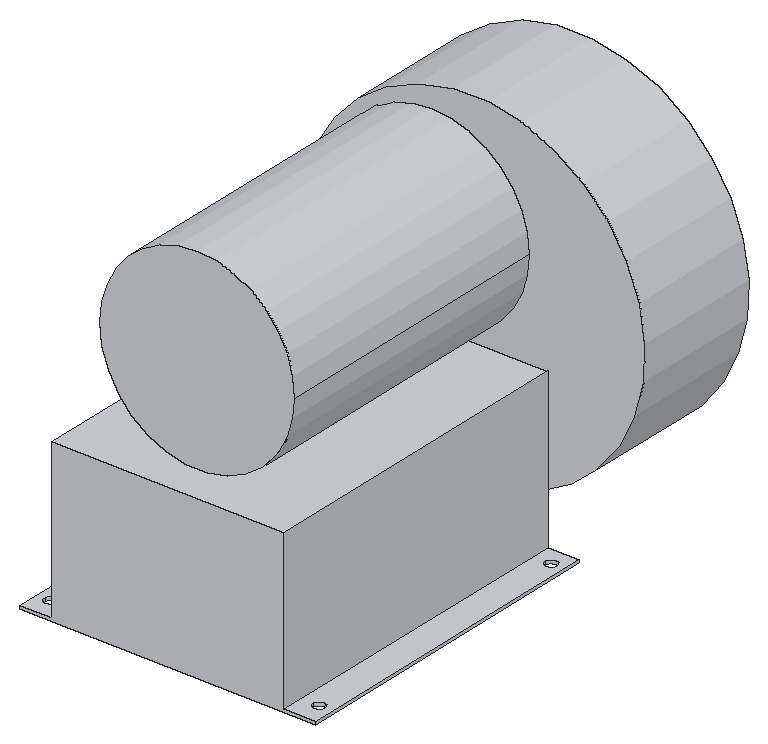
Revit family "CPFD_CW_BHD", category Mechanical Equipment, Revit 2019
Family settings
  Round Connector Dimension = Use Radius
  Part Type = Normal
  Work Plane-Based = No
  Always vertical = Yes
  Cut with Voids When Loaded = No
  Shared = No
  Room Calculation Point = No
Parameters (values of type "9_CPFD_CW_BHD")
  Unit Weight [instance] = ""
  T_SQ/2 = T_SQ / 2  # 1' - 4"
  T_SQ = 2' - 8"
  Sones [instance] = ""
  SPACE = 0' - 2"
  Q = 0' - 0 3/4"
  P/6 = P / 6  # 0' - 1 1/2"
  P/2 = P / 2  # 0' - 4 1/2"
  P = 0' - 9"
  N/2 = N / 2  # 0' - 0 9/32"
  N = 0' - 0 9/16"
  Motor RPM [instance] = ""
  Motor Enclosure [instance] = ""
  ModelID [instance] = ""
  M = 0' - 4 5/8"
  LwA [instance] = ""
  L = 0' - 7 5/8"
  K = 0' - 1"
  J = 1' - 1 3/4"
  H/2 = H / 2  # 0' - 6 3/8"
  H-1.5" = H - 0' 1 1/2"  # 0' - 11 1/4"
  H = 1' - 0 3/4"
  G-1" = G - 0' 1"  # 0' - 6"
  G = 0' - 7"
  Fan RPM [instance] = ""
  F+1.25" = -(F + 0' 1 1/4")  # -0' - 7 1/8"
  F+.25" = -(F + 0' 0 1/4")  # -0' - 6 1/8"
  F = 0' - 5 7/8"
  E+.25" = E + 0' 0 1/4"  # 0' - 10 1/8"
  E = 0' - 9 7/8"
  D = 0' - 11 1/8"
  C/2 = C / 2  # 0' - 9 1/16"
  C = 1' - 6 1/8"
  B/2 = B / 2  # 0' - 10 7/8"
  B-F-2" = B - F - 0' 2"  # 1' - 1 7/8"
  B-F-.25" = B - F - 0' 0 1/4"  # 1' - 3 5/8"
  B = 1' - 9 3/4"
  Accessories [instance] = ""
  A/2 = A / 2  # 0' - 7"
  A = 1' - 2"
  3" = 0' - 3"  # constant formula
  Brake Hp [instance] = ""
  4" = 0' - 4"  # constant formula
  2' = 2' - 0"
  2" = 0' - 2"  # constant formula
  1" = 0' - 1"  # constant formula
  0 = 0' - 0"  # constant formula
  Voltage [instance] = 0 V
  URL = "www.lorencook.com"
  Type Comments = "Forward Curved Centrifugal Blower Direct Drive Clockwise Bottom Horizontal Arrangement 4"  # constant formula
  Static Pressure [instance] = 0.00 in-wg
  Power [instance] = Voltage * Motor FLA * sqrt(if(Phase = 3, 3, 1))  # 0 VA
  Phase [instance] = 0
  Number of Poles [instance] = 1
  Motor Hp [instance] = "0"
  Motor FLA [instance] = 0 A
  Model = "CPFD_CW_BHD"  # constant formula
  Manufacturer = "Loren Cook Company"
  CFM [instance] = 0 CFM
  1.5 = 0' - 1 1/2"  # constant formula
  ONE EIGTH = 0' - 0 1/8"  # constant formula
  (P/2)-.125" = (P / 2) - 0' 0 1/8"  # 0' - 4 3/8"
Types (6): name | SPACE | Q | P/6 | P/2 | P | N/2 | N | M | L | J | H/2 | H-1.5" | H | G-1" | G | F+1.25" | F+.25" | F | E+.25" | E | D | C/2 | C | B/2 | B-F-2" | B-F-.25" | B | A/2 | A | (P/2)-.125"
  (no name) | 0' - 2" | 0' - 0 3/4" | 0' - 1 1/2" | 0' - 4 1/2" | 0' - 9" | 0' - 0 9/32" | 0' - 0 9/16" | 0' - 4 5/8" | 0' - 7 5/8" | 1' - 1 3/4" | 0' - 6 3/8" | 0' - 11 1/4" | 1' - 0 3/4" | 0' - 6" | 0' - 7" | -0' - 7 1/8" | -0' - 6 1/8" | 0' - 5 7/8" | 0' - 10 1/8" | 0' - 9 7/8" | 0' - 11 1/8" | 0' - 9 1/16" | 1' - 6 1/8" | 0' - 10 7/8" | 1' - 1 7/8" | 1' - 3 5/8" | 1' - 9 3/4" | 0' - 7" | 1' - 2" | 0' - 4 3/8"
  6_CPFD_CW_BHD | 0' - 1 1/2" | 0' - 0 1/2" | 0' - 1.16667" | 0' - 3 1/2" | 0' - 7" | 0' - 0 7/32" | 0' - 0 7/16" | 0' - 3 5/8" | 0' - 4 5/8" | 0' - 10 3/4" | 0' - 6 1/4" | 0' - 11" | 1' - 0 1/2" | 0' - 4 3/4" | 0' - 5 3/4" | -0' - 5 7/8" | -0' - 4 7/8" | 0' - 4 5/8" | 0' - 8 1/8" | 0' - 7 7/8" | 0' - 8 1/8" | 0' - 6 3/4" | 1' - 1 1/2" | 0' - 9 1/4" | 0' - 11 7/8" | 1' - 1 5/8" | 1' - 6 1/2" | 0' - 6 3/4" | 1' - 1 1/2" | 0' - 3 3/8"
  7_CPFD_CW_BHD | 0' - 1 1/2" | 0' - 0 5/8" | 0' - 1.16667" | 0' - 3 1/2" | 0' - 7" | 0' - 0 7/32" | 0' - 0 7/16" | 0' - 3 5/8" | 0' - 7 1/8" | 1' - 0 1/4" | 0' - 6 1/4" | 0' - 11" | 1' - 0 1/2" | 0' - 5 1/8" | 0' - 6 1/8" | -0' - 6 5/8" | -0' - 5 5/8" | 0' - 5 3/8" | 0' - 8 5/8" | 0' - 8 3/8" | 0' - 10 5/8" | 0' - 8 9/32" | 1' - 4 9/16" | 0' - 10 1/8" | 1' - 0 7/8" | 1' - 2 5/8" | 1' - 8 1/4" | 0' - 6 3/4" | 1' - 1 1/2" | 0' - 3 3/8"
  9_CPFD_CW_BHD | 0' - 2" | 0' - 0 3/4" | 0' - 1 1/2" | 0' - 4 1/2" | 0' - 9" | 0' - 0 9/32" | 0' - 0 9/16" | 0' - 4 5/8" | 0' - 7 5/8" | 1' - 1 3/4" | 0' - 6 3/8" | 0' - 11 1/4" | 1' - 0 3/4" | 0' - 6" | 0' - 7" | -0' - 7 1/8" | -0' - 6 1/8" | 0' - 5 7/8" | 0' - 10 1/8" | 0' - 9 7/8" | 0' - 11 1/8" | 0' - 9 1/16" | 1' - 6 1/8" | 0' - 10 7/8" | 1' - 1 7/8" | 1' - 3 5/8" | 1' - 9 3/4" | 0' - 7" | 1' - 2" | 0' - 4 3/8"
  10_CPFD_CW_BHD | 0' - 1 1/2" | 0' - 1 1/16" | 0' - 1 1/2" | 0' - 4 1/2" | 0' - 9" | 0' - 0 9/32" | 0' - 0 9/16" | 0' - 4 5/8" | 0' - 9 7/8" | 1' - 1 3/4" | 0' - 7 1/8" | 1' - 0 3/4" | 1' - 2 1/4" | 0' - 7" | 0' - 8" | -0' - 7 5/8" | -0' - 6 5/8" | 0' - 6 3/8" | 0' - 11 5/8" | 0' - 11 3/8" | 1' - 1 3/8" | 0' - 11 1/16" | 1' - 10 1/8" | 0' - 11 1/8" | 1' - 1 7/8" | 1' - 3 5/8" | 1' - 10 1/4" | 0' - 7 3/4" | 1' - 3 1/2" | 0' - 4 3/8"
  12_CPFD_CW_BHD | 0' - 2 1/2" | 0' - 1" | 0' - 2.08333" | 0' - 6 1/4" | 1' - 0 1/2" | 0' - 0 9/32" | 0' - 0 9/16" | 0' - 4 5/8" | 0' - 9 7/8" | 1' - 2 1/4" | 0' - 7 7/8" | 1' - 2 1/4" | 1' - 3 3/4" | 0' - 8" | 0' - 9" | -0' - 7 1/8" | -0' - 6 1/8" | 0' - 5 7/8" | 1' - 1 5/8" | 1' - 1 3/8" | 1' - 2 3/8" | 0' - 11 13/16" | 1' - 11 5/8" | 0' - 11 3/8" | 1' - 2 7/8" | 1' - 4 5/8" | 1' - 10 3/4" | 0' - 8 1/2" | 1' - 5" | 0' - 6 1/8"
Reference planes (in)
  plane 1 "Center (Front/Back)": y = 0
  plane 2: z = 0
  plane 3 "Center (Left/Right)": x = 0.40541
Forms (in)
  Extrusion 1, solid
    sketch origin (0, 0, 0) x (1, 0, 0) y (0, 0, 1)
      loop
        line (-6.59459, 0) -> (7.40541, 0) -> (7.40541, 0.125) -> (5.90541, 0.125) -> (5.90541, 7.625) -> (-5.09459, 7.625) -> (-5.09459, 0.125) -> (-6.59459, 0.125) -> (-6.59459, 0)
    from 0 to 15.625 <- "B-F-.25""
  Extrusion 2, solid
    sketch origin (0, 0, 0) x (1, 0, 0) y (0, 0, 1)
      loop
        circle (0.40541, 12.25) r 4.625
    from 0 to 13.875 <- "B-F-2""
  Extrusion 3, solid
    sketch origin (0, 0, 0) x (1, 0, 0) y (0, 0, 1)
      loop
        circle (0.40541, 11.125) r 4.5
      loop
        circle (0.40541, 11.125) r 4.375
    from -7.125 <- "F+1.25"" to -6.125 <- "F+.25""
  Extrusion 4, void
    sketch origin (0, 0, 0) x (1, 0, 0) y (0, 1, 0)
      loop
        circle (-5.96959, -14.625) r 0.28125
      loop
        circle (-5.96959, -0.875) r 0.28125
      loop
        circle (6.78041, -14.625) r 0.28125
      loop
        circle (6.78041, -0.875) r 0.28125
    from 0 to 0.125
  Extrusion 5, solid
    sketch origin (0, 0, 0) x (1, 0, 0) y (0, 0, 1)
      loop
        line (-6.59459, 11.875) -> (-6.59459, 1.75) -> (2.36036, 1.75)
        arc (2.36036, 1.75) -> (8.79847, 14.99575) -> (-5.59459, 11.875) r 8.1875
        line (-5.59459, 11.875) -> (-6.59459, 11.875)
    from 0 to -6.125 <- "F+.25""
  Revolve 6, void
    sketch origin (0.40541, 0, 0) x (0, 1, 0) y (0, 0, 1)
      loop
        arc (6.125, 15.5) -> (5.68566, 14.43934) -> (4.625, 14) r 1.5
        line (4.625, 14) -> (4.625, 11.125) -> (6.125, 11.125) -> (6.125, 15.5)
      axis (4.625, 11.125) -> (6.125, 11.125)
    angle from 0 to 360
Cuts and joins
  Extrusion 4 cuts Extrusion 1
  Revolve 6 cuts Extrusion 3
  Revolve 6 cuts Extrusion 5
Dimensions and locks (in)
  "A/2": plane 3 "Center (Left/Right)" to Extrusion 1 sketch curve
  "A/2": Extrusion 1 sketch curve to plane 3 "Center (Left/Right)"
  "1.5": Extrusion 1 sketch curve to Extrusion 1 sketch curve  (x2)
  "L": Extrusion 1 sketch curve to level
  "ONE EIGTH": Extrusion 1 sketch curve to Extrusion 1 sketch curve  (x2)
  "0": Extrusion 2 sketch curve to Extrusion 1
  "0": Extrusion 2 sketch curve to plane 3 "Center (Left/Right)"
  "M": Extrusion 2 sketch curve to Extrusion 1
  "0": Extrusion 3 sketch curve to plane 3 "Center (Left/Right)"  (x2)
  "K": Extrusion 1 to Extrusion 4 sketch curve  (x2)
  "J": Extrusion 4 sketch curve to Extrusion 4 sketch curve  (x2)
  "H/2": Extrusion 4 sketch curve to plane 3 "Center (Left/Right)"  (x4)
  locked: Extrusion 3 sketch curve to Extrusion 3 sketch curve
  "D": Extrusion 3 sketch curve to level
  "D": Revolve 6 sketch curve to level
  "0": Revolve 6 sketch curve to Revolve 6 sketch curve
  "P/6": Extrusion 5 to Revolve 6 sketch curve
  "(P/2)-.125"": Revolve 6 sketch curve to Revolve 6 sketch curve
  "E+.25"": Extrusion 5 sketch curve to Extrusion 5 sketch curve
  "1"": Extrusion 5 sketch curve to Extrusion 5 sketch curve
  "G": Extrusion 5 sketch curve to plane 3 "Center (Left/Right)"
  "C": level to Extrusion 5 sketch curve
  "Q": cut or joined group of Extrusion 3, Revolve 6 to Extrusion 5 sketch curve
  "P/2": radius of Extrusion 3 sketch curve
  "(P/2)-.125"": radius of Extrusion 3 sketch curve
  "N/2": radius of Extrusion 4 sketch curve  (x4)
  "P/6": radius of Revolve 6 sketch curve
Automatic sketch dimensions
  Extrusion 1 sketch curve to level = 0' - 0"
  Revolve 6 sketch curve to Revolve 6 sketch curve = 0' - 0"
  Revolve 6 sketch curve to Revolve 6 sketch curve = 0' - 2 3/4"
Connectors (in)
  electrical at (0.40541, -13.875, 12.25)
    settings: on Extrusion 2, index 1, voltage 0 V, apparent load 0 VA, apparent load phase1 0 VA, apparent load phase2 0 VA, apparent load phase3 0 VA, power factor 1, load classification "Other", number of poles 1, system type 30, power factor state 1, is connector primary yes, connector utility no, sub classification motor no, connector description ""
  hvac at (0.40541, 7.125, 11.125), driven by "P/2"
    settings: on Extrusion 3, index 4, duct flow 0 CFM, flow factor 0, pres drop 0.00 in-wg, loss coef 0, conn angle 0.00°, conn width 12", conn height 12", conn diameter 9", duct sys type 29, conn prof type 0, flow config 0, flow direction 1, loss method 0, conn ref index -1, conn util no, is conn primary yes, conn desc ""
  hvac at (-6.59459, 3.0625, 6.8125), driven by "F", driven by "E"
    settings: on cut or joined group of Extrusion 5, Revolve 6, index 5, duct flow 0 CFM, flow factor 0, pres drop 0.00 in-wg, loss coef 0, conn angle 0.00°, conn width 5 7/8", conn height 9 7/8", conn diameter 24", duct sys type 29, conn prof type 1, flow config 0, flow direction 2, loss method 0, conn ref index -1, conn util no, is conn primary no, conn desc ""
